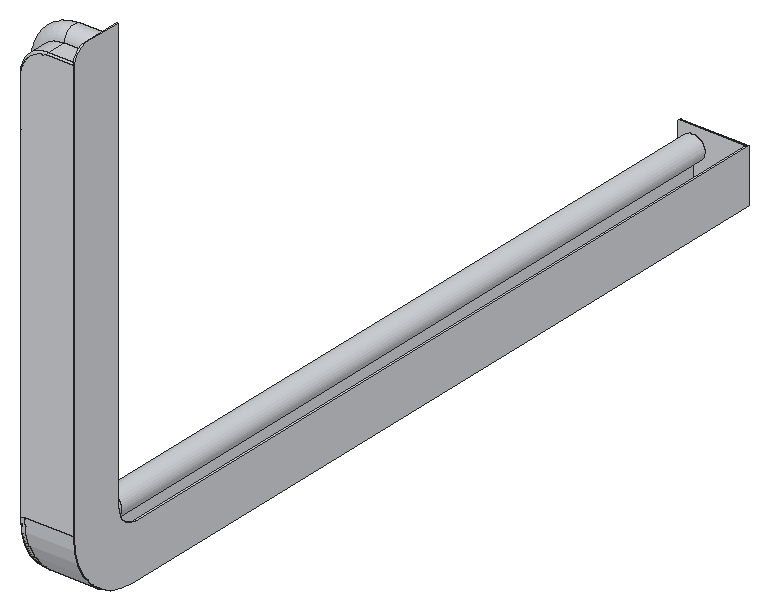
Revit family "AL1091+1092_AnitLigatureToilet Rail", category Generic Models, Revit 2013
Parameters
  URL = "http://www.surecare.com.au"
  Model = "AL1091 / AL1092"
  Manufacturer = "SURECARE"
  Description = "Anti-Ligature Toilet Grab Rail Side Only with Upturn"
Reference planes
  plane 1 "Center (Front/Back)": y = 0
  plane 2: z = 0
  plane 3 "Center (Left/Right)": x = 0
  plane 4 "Side Rail Center": x = -71
  plane 5 "Rail Center Height": z = 784
  plane 6 "Side Rail End": y = -1050
  plane 7: z = 1384
  plane 8: z = 800
  plane 9: x = -55
Forms (mm)
  Sweep 1, solid
    path origin (0, 0, 784) x (-1, 0, 0) y (0, -1, 0)
      loop
        line (71, 2) -> (71, 950)
    profile origin (-71, -476, 784) x (1, 0, 0) y (0, 0, 1)
      loop
        line (-1, -15.969) -> (-1, -42)
        arc (-1, -42) -> (-0.414, -43.414) -> (1, -44) r 2
        line (1, -44) -> (6, -44) -> (6, -42) -> (1, -42) -> (1, -15.969)
        arc (1, -15.969) -> (0, 16) -> (-1, -15.969) r 16
  Sweep 2, solid
    path origin (-71, 0, 0) x (0, 1, 0) y (0, 0, 1)
      loop
        line (-950, 784) -> (-1000, 784)
        arc (-1000, 784) -> (-1035.355, 798.645) -> (-1050, 834) r 50
        line (-1050, 834) -> (-1050, 1284)
    profile origin (-71, -975, 784) x (0, 0, -1) y (1, 0, 0)
      loop
        line (15.969, -1) -> (42, -1)
        arc (42, -1) -> (43.414, -0.414) -> (44, 1) r 2
        line (44, 1) -> (44, 6) -> (42, 6) -> (42, 1) -> (15.969, 1)
        arc (15.969, 1) -> (-16, 0) -> (15.969, -1) r 16
  Sweep 3, solid
    path origin (0, -1050, 0) x (0, 0, 1) y (-1, 0, 0)
      loop
        line (1384, 2) -> (1384, 36)
        arc (1384, 36) -> (1373.749, 60.749) -> (1349, 71) r 35
        line (1349, 71) -> (1284, 71)
    profile origin (-19, -1050, 1384) x (0, 0, -1) y (0, -1, 0)
      loop
        arc (-1, 15.969) -> (0, -16) -> (1, 15.969) r 16
        line (1, 15.969) -> (1, 42) -> (6, 42) -> (6, 44) -> (1, 44)
        arc (1, 44) -> (-0.414, 43.414) -> (-1, 42) r 2
        line (-1, 42) -> (-1, 15.969)
  Extrusion 4, solid
    sketch origin (0, 0, 0) x (1, 0, 0) y (0, 0, 1)
      loop
        line (-2, 810) -> (-87, 810)
        arc (-87, 810) -> (-89.121, 809.121) -> (-90, 807) r 3
        line (-90, 807) -> (-90, 740) -> (-2, 740) -> (-2, 810)
    from 0 to 2
  Extrusion 5, solid
    sketch origin (0, 0, 0) x (0, 1, 0) y (0, 0, 1)
      loop
        line (0, 810) -> (-994, 810)
        arc (-994, 810) -> (-1015.213, 818.787) -> (-1024, 840) r 30
        line (-1024, 840) -> (-1024, 1402) -> (-1074, 1402)
        arc (-1074, 1402) -> (-1088.142, 1396.142) -> (-1094, 1382) r 20
        line (-1094, 1382) -> (-1094, 834)
        arc (-1094, 834) -> (-1066.468, 767.532) -> (-1000, 740) r 94
        line (-1000, 740) -> (0, 740) -> (0, 810)
    from 0 to -2
  Sweep 6, solid
    path in 3D
      loop
        line (-2, 0, 740) -> (-2, -1000, 740)
        arc (-2, -1000, 740) -> (-2, -1066.468, 767.532) -> (-2, -1094, 834) r 94
    profile origin (-2, -500, 740) x (-1, 0, 0) y (0, 0, -1)
      loop
        line (63, 0) -> (0, 0) -> (0, -2) -> (63, -2) -> (63, 0)
  Extrusion 7, solid
    sketch origin (0, -1094, 865) x (0, 0, 1) y (-1, 0, 0)
      loop
        line (-31, 2) -> (513, 2) -> (513, 36)
        arc (513, 36) -> (504.506, 56.506) -> (484, 65) r 29
        line (484, 65) -> (-31, 65) -> (-31, 2)
    from 0 to -2
Cuts and joins
  joined: Sweep 1, Sweep 2, Sweep 3, Sweep 6, Extrusion 7
  joined: Extrusion 4, Extrusion 5
Lines and regions (mm)
  sketch lines
    curve 1: line (-2, 0, 740) -> (-2, -1000, 740)
    curve 2: arc (-2, -1094, 834) -> (-2, -1066.468, 767.532) -> (-2, -1000, 740) r 94
Dimensions and locks
  plane 5 "Rail Center Height" to level = 784.0 mm
  plane 8 to plane 5 "Rail Center Height" = 16.0 mm
  plane 4 "Side Rail Center" to plane 9 = 16.0 mm
  Extrusion 5 sketch curve to Extrusion 5 sketch curve = 70.0 mm
  aligned and locked: level to plane 2
